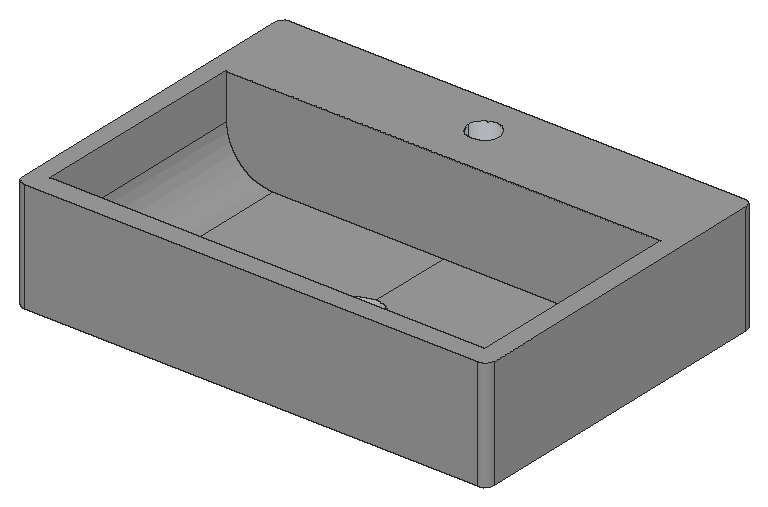
Revit family "L.CRETA MURO", category Plumbing Fixtures, Revit 2019
Family settings
  Round Connector Dimension = Use Diameter
  Part Type = Normal
  OmniClass Number = 23.45.00.00
  OmniClass Title = Sanitary, Laundry, and Cleaning Equipment
  Work Plane-Based = No
  Always vertical = Yes
  Cut with Voids When Loaded = No
  Shared = No
  Room Calculation Point = No
Reference planes
  plane 1 "Center (Front/Back)": y = 0
  plane 2: z = 0
  plane 3 "Center (Left/Right)": x = 0
Forms (mm)
  Extrusion 1, solid
    sketch origin (0, 0, 0) x (1, 0, 0) y (0, 1, 0)
      loop
        line (10, 0) -> (500, 0)
        arc (500, 0) -> (507.071, 2.929) -> (510, 10) r 10
        line (510, 10) -> (510, 350)
        arc (510, 350) -> (507.071, 357.071) -> (500, 360) r 10
        line (500, 360) -> (10, 360)
        arc (10, 360) -> (2.929, 357.071) -> (0, 350) r 10
        line (0, 350) -> (0, 10)
        arc (0, 10) -> (2.929, 2.929) -> (10, 0) r 10
    from 0 to 120
  Extrusion 2, void
    sketch origin (0, 0, 0) x (1, 0, 0) y (0, 0, 1)
      loop
        line (255, 20) -> (440, 20)
        arc (440, 20) -> (475.355, 34.645) -> (490, 70) r 50
        line (490, 70) -> (490, 120) -> (20, 120) -> (20, 70)
        arc (20, 70) -> (34.645, 34.645) -> (70, 20) r 50
        line (70, 20) -> (255, 20)
    from -260 to -22.023
  Extrusion 3, void
    sketch origin (0, 0, 0) x (1, 0, 0) y (0, 1, 0)
      loop
        circle (255, 143.762) r 25
      loop
        circle (255, 314.762) r 17
    from 0 to 250
Cuts and joins
  Extrusion 2, Extrusion 3 cuts Extrusion 1
Dimensions and locks
  aligned and locked: level to plane 2
